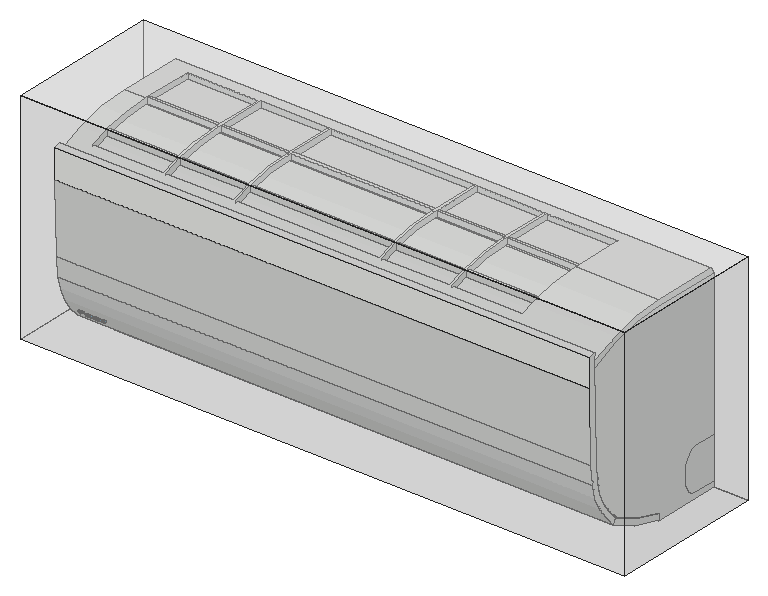
Revit family "outputfile", category 機械設備, Revit 2024
Family settings
  丸型コネクタ寸法 = 半径を使用
  パーツ タイプ = 標準
  OmniClass 番号 = 23.75.10.24.21.27.27
  OmniClass タイトル = Split System Air Conditioning Units
  作業面ベース = いいえ
  常に垂直 = はい
  ロード時にボイドで切り取り = いいえ
  注釈の向きを維持 = いいえ
  共有 = いいえ
  部屋計算ポイント = いいえ
Parameters (values of type "FTXF25WVMA")
  Description = ""
  書き出し IFC クラス(タイプ) = "IfcUnitaryEquipmentType"
  定義済み IFC タイプ(タイプ) = "AIRCONDITIONINGUNIT"
  Cost = 0
  Type Comments = ""
  Keynote = ""
  Type Image = (empty or 0)
  Assembly Code = ""
  w_wall hole = if(Width = 770.0 mm, 48.0 mm, 60.0 mm)  # 48.0 mm
  製造元 = "Daikin"
  モデル = "FTXF25WVMA"
  switch_frequency = yes
  r_Liquid Pipe Size = Liquid Pipe Size / 2  # 3.2 mm
  r_Gas Pipe Size = Gas Pipe Size / 2  # 4.75 mm
  r_Drain Pipe Size = Drain Pipe Size / 2  # 8.0 mm
  lw_powersupply [instance] = if(Width = 770.0 mm, if(or(Rear Right Connection_refrigerant, Bottom Right Connection_refrigerant), 25.0 mm, if(or(Rear Left Connection_refrigerant, Bottom Left Connection_refrigerant), 745.0 mm, 400.0 mm)), if(Width = 990.0 mm, if(or(Rear Right Connection_refrigerant, Bottom Right Connection_refrigerant), 40.0 mm, if(or(Rear Left Connection_refrigerant, Bottom Left Connection_refrigerant), 920.0 mm, 400.0 mm)), if(or(Rear Right Connection_refrigerant, Bottom Right Connection_refrigerant), 40.0 mm, if(or(Rear Left Connection_refrigerant, Bottom Left Connection_refrigerant), 920.0 mm, 400.0 mm))))  # 400.0 mm
  lw_liquidpipe [instance] = if(Width = 770.0 mm, if(or(Rear Right Connection_refrigerant, Bottom Right Connection_refrigerant), 0.0 mm, if(or(Rear Left Connection_refrigerant, Bottom Left Connection_refrigerant), 664.0 mm, 385.0 mm)), if(Width = 990.0 mm, if(or(Rear Right Connection_refrigerant, Bottom Right Connection_refrigerant), 0.0 mm, if(or(Rear Left Connection_refrigerant, Bottom Left Connection_refrigerant), 664.0 mm + (990.0 mm - 770.0 mm), 475.0 mm)), if(or(Rear Right Connection_refrigerant, Bottom Right Connection_refrigerant), 0.0 mm, if(or(Rear Left Connection_refrigerant, Bottom Left Connection_refrigerant), 664.0 mm + (990.0 mm - 770.0 mm), 475.0 mm))))  # 385.0 mm
  lw_gaspipe [instance] = if(Width = 770.0 mm, if(or(Rear Right Connection_refrigerant, Bottom Right Connection_refrigerant), 0.0 mm, if(or(Rear Left Connection_refrigerant, Bottom Left Connection_refrigerant), 675.0 mm, if(Gas Pipe Size = 12.7 mm, 335.0 mm, 335.0 mm))), if(Width = 990.0 mm, if(or(Rear Right Connection_refrigerant, Bottom Right Connection_refrigerant), 10.0 mm, if(or(Rear Left Connection_refrigerant, Bottom Left Connection_refrigerant), 890.0 mm, if(Gas Pipe Size = 15.9 mm, 400.0 mm, 400.0 mm))), if(or(Rear Right Connection_refrigerant, Bottom Right Connection_refrigerant), 10.0 mm, if(or(Rear Left Connection_refrigerant, Bottom Left Connection_refrigerant), 890.0 mm, if(Gas Pipe Size = 15.9 mm, 400.0 mm, 400.0 mm)))))  # 335.0 mm
  lw_drainpipe [instance] = if(Width = 770.0 mm, if(or(Rear Right Connection_refrigerant, Bottom Right Connection_refrigerant), 0.0 mm, if(or(Rear Left Connection_refrigerant, Bottom Left Connection_refrigerant), 770.0 mm - 48.0 mm - 48.0 mm, 440.0 mm)), if(Width = 990.0 mm, if(or(Rear Right Connection_refrigerant, Bottom Right Connection_refrigerant), 0.0 mm, if(or(Rear Left Connection_refrigerant, Bottom Left Connection_refrigerant), 675.0 mm + (990.0 mm - 770.0 mm), 435.0 mm)), if(or(Rear Right Connection_refrigerant, Bottom Right Connection_refrigerant), 0.0 mm, if(or(Rear Left Connection_refrigerant, Bottom Left Connection_refrigerant), 675.0 mm + (990.0 mm - 770.0 mm), 435.0 mm))))  # 440.0 mm
  l_powersupply_length [instance] = if(Width = 770.0 mm, if(Right Connection_refrigerant, 400.0 mm, if(Left Connection_refrigerant, 770.0 mm - 400.0 mm, if(or(Rear Left Connection_refrigerant, Rear Right Connection_refrigerant), 15.0 mm, 50.0 mm))), if(Width = 990.0 mm, if(Right Connection_refrigerant, 400.0 mm, if(Left Connection_refrigerant, 990.0 mm - 400.0 mm, if(or(Rear Left Connection_refrigerant, Rear Right Connection_refrigerant), 15.0 mm, 50.0 mm))), if(Right Connection_refrigerant, 400.0 mm, if(Left Connection_refrigerant, 990.0 mm - 400.0 mm, if(or(Rear Left Connection_refrigerant, Rear Right Connection_refrigerant), 15.0 mm, 50.0 mm)))))  # 400.0 mm
  l_liquidpipe_length [instance] = if(Width = 770.0 mm, if(Right Connection_refrigerant, 433.0 mm, if(Left Connection_refrigerant, 337.0 mm, if(or(Rear Left Connection_refrigerant, Rear Right Connection_refrigerant), 30.0 mm, 40.0 mm))), if(Width = 990.0 mm, if(Right Connection_refrigerant, 535.0 mm, if(Left Connection_refrigerant, 455.0 mm, if(or(Rear Left Connection_refrigerant, Rear Right Connection_refrigerant), 30.0 mm, 40.0 mm))), if(Right Connection_refrigerant, 535.0 mm, if(Left Connection_refrigerant, 455.0 mm, if(or(Rear Left Connection_refrigerant, Rear Right Connection_refrigerant), 30.0 mm, 40.0 mm)))))  # 433.0 mm
  l_gaspipe_length [instance] = if(Width = 770.0 mm, if(Right Connection_refrigerant, if(Gas Pipe Size = 12.7 mm, 383.0 mm, 383.0 mm), if(Left Connection_refrigerant, if(Gas Pipe Size = 12.7 mm, 770.0 mm - 383.0 mm, 770.0 mm - 383.0 mm), if(or(Rear Left Connection_refrigerant, Rear Right Connection_refrigerant), 40.0 mm, 50.0 mm))), if(Width = 990.0 mm, if(Right Connection_refrigerant, if(Gas Pipe Size = 15.9 mm, 460.0 mm, 460.0 mm), if(Left Connection_refrigerant, if(Gas Pipe Size = 15.9 mm, 990.0 mm - 460.0 mm, 990.0 mm - 460.0 mm), if(or(Rear Left Connection_refrigerant, Rear Right Connection_refrigerant), 40.0 mm, 50.0 mm))), if(Right Connection_refrigerant, if(Gas Pipe Size = 15.9 mm, 460.0 mm, 460.0 mm), if(Left Connection_refrigerant, if(Gas Pipe Size = 15.9 mm, 990.0 mm - 460.0 mm, 990.0 mm - 460.0 mm), if(or(Rear Left Connection_refrigerant, Rear Right Connection_refrigerant), 40.0 mm, 50.0 mm)))))  # 383.0 mm
  l_drainpipe_length [instance] = if(Width = 770.0 mm, if(Right Connection_refrigerant, 488.0 mm, if(Left Connection_refrigerant, 282.0 mm, if(or(Rear Left Connection_refrigerant, Rear Right Connection_refrigerant), 15.0 mm, 20.0 mm))), if(Width = 990.0 mm, if(Right Connection_refrigerant, 495.0 mm, if(Left Connection_refrigerant, 495.0 mm, if(or(Rear Left Connection_refrigerant, Rear Right Connection_refrigerant), 15.0 mm, 20.0 mm))), if(Right Connection_refrigerant, 495.0 mm, if(Left Connection_refrigerant, 495.0 mm, if(or(Rear Left Connection_refrigerant, Rear Right Connection_refrigerant), 15.0 mm, 20.0 mm)))))  # 488.0 mm
  h*** = 0.0 mm  # constant formula
  connector_voltage = Voltage_50Hz  # 230 V
  connector_powerinput = if([Power Input (Cooling)] > [Power Input (Heating)], [Power Input (Cooling)], [Power Input (Heating)])  # 0.000 kW
  connector_phase = Phase_50Hz  # 1
  angle_vertical [instance] = if(or(Bottom Left Connection_refrigerant, Bottom Right Connection_refrigerant), 0.00°, 90.00°)  # 90.00°
  angle_horizontal [instance] = if(Right Connection_refrigerant, 90.00°, if(Left Connection_refrigerant, -90.00°, if(or(Rear Left Connection_refrigerant, Rear Right Connection_refrigerant), 180.00°, 0.00°)))  # 90.00°
  Width = 770.0 mm
  Voltage_comment_50Hz = "220 - 240"
  Voltage_50Hz = 230 V
  Version = "ver.1.0"
  Unit Type = "Wall Mounted"
  Unit Mass Weight = 9.00 kg
  Unit Designation [instance] = ""
  Uniclass2015Version = "Products v1.30"
  Uniclass2015Title = "Split coil room air conditioning units"
  Uniclass2015Code = "Pr_70_65_03_86"
  URL = ""
  Total Heating Capacity [instance] = 0.000 kW
  Total Cooling Capacity [instance] = 0.000 kW
  Sound Pressure Level_M speed (dBA) = 33
  Sound Pressure Level_L speed (dBA) = 27
  Sound Pressure Level_H speed (dBA) = 40
  Sound Power Level_H speed (dB) = 0
  Series = "Single Split_Fan Coil Unit"
  Sensible Cooling Capacity [instance] = 0.000 kW
  Refrigerant Type = "R32"
  Power Input (Heating) = 0.000 kW
  Power Input (Cooling) = 0.000 kW
  Phase_50Hz = 1
  Option Accessory 3 [instance] = ""
  Option Accessory 2 [instance] = ""
  Option Accessory 1 [instance] = ""
  Nominal Heating Capacity = 3.000 kW
  Nominal Cooling Capacity = 2.500 kW
  Minimum Circuit Amps_50Hz = 0.0 A
  Minimum Airflow = 306.00 m³/h
  Median Airflow = 390.00 m³/h
  Maximum Fuse Amps_50Hz = 0.0 A
  Maximum Airflow = 576.00 m³/h
  Material_Casing = DAIKIN_PureWhite_Casing_indoorunit
  Load Classification = HVAC
  Liquid Pipe Size = 6.4 mm
  Link_Nested Family [instance] = ""
  IfcVersion = ""
  IfcExportType = "AIRCONDITIONINGUNIT"
  IfcExportAs = "IfcUnitaryEquipmentType"
  Height = 285.0 mm
  Heating Entering Wet Bulb Temperature [instance] = 0.00 °C
  Heating Entering Dry Bulb Temperature [instance] = 0.00 °C
  Heating Ambient Wet Bulb Temperature [instance] = 0.00 °C
  Heating Ambient Dry Bulb Temperature [instance] = 0.00 °C
  Heat Exchanger Type = "Cross Fin Coil"
  Gas Pipe Size = 9.5 mm
  Frequency_50Hz = 50 Hz
  Fan Type = "Cross Flow Fan"
  Fan Drive = "Direct Drive"
  FCU Tag No. [instance] = ""
  Drain Pipe Size = 16.0 mm
  Design Supply Airflow [instance] = 0.00 m³/h
  Depth = 223.0 mm
  既定の高さ = 0.0 mm
  Cooling Entering Wet Bulb Temperature [instance] = 0.00 °C
  Cooling Entering Dry Bulb Temperature [instance] = 0.00 °C
  Cooling Ambient Wet Bulb Temperature [instance] = 0.00 °C
  Cooling Ambient Dry Bulb Temperature [instance] = 0.00 °C
  Clearance visibility [instance] = yes
  Clearance Top = 30.0 mm
  Clearance Right = 50.0 mm
  Clearance Rear = 0.0 mm
  Clearance Left = 50.0 mm
  Clearance Front = 0.0 mm
  Clearance Bottom = 0.0 mm
  Bottom Right Connection_refrigerant [instance] = no
  Bottom Left Connection_refrigerant [instance] = no
  Rear Right Connection_refrigerant [instance] = no
  Rear Left Connection_refrigerant [instance] = no
  Right Connection_refrigerant [instance] = yes
  Left Connection_refrigerant [instance] = no
Reference planes
  plane 1 "Back": y = 0
  plane 2: z = 0
  plane 3 "Center (Left/Right)": x = 0
  plane 4 "Center (Front/Back)": y = -111.5
  plane 5 "Front": y = -223
  plane 6 "Left": x = -385
  plane 7 "Right": x = 385
  plane 8 "Top": z = 0
  plane 9 "Bottom": z = -285
  plane 10: x = -435
  plane 11: x = 435
  plane 12: y = 0
  plane 13: y = -223
  plane 14: z = 30
  plane 15: z = -285
  plane 16 "lw_Piping and Wiring intake": x = 337
  plane 17 "lw_gaspipe": x = 2
  plane 18 "lw_liquidpipe": x = -48
  plane 19 "lw_drainpipe": x = -103
  plane 20 "lh_drainpipe": z = -265
  plane 21 "lh_liquidpipe": z = -245
  plane 22 "lh_gaspipe": z = -235
  plane 23 "ld_drainpipe": y = -15
  plane 24 "ld_liquidpipe": y = -30
  plane 25 "ld_gaspipe": y = -40
  plane 26 "lw_powersupply": x = -15
Dimensions and locks
  equal spacing: plane 6 "Left", plane 3 "Center (Left/Right)", plane 7 "Right"
  "Width": plane 6 "Left" to plane 7 "Right"
  equal spacing: plane 5 "Front", plane 4 "Center (Front/Back)", plane 1 "Back"
  "Depth": plane 5 "Front" to plane 1 "Back"
  "Height": plane 8 "Top" to plane 9 "Bottom"
  "Clearance Rear": plane 12 to plane 1 "Back"
  "Clearance Front": plane 13 to plane 5 "Front"
  "Clearance Top": plane 14 to plane 8 "Top"
  "Clearance Bottom": plane 9 "Bottom" to plane 15
  "w_wall hole": plane 16 "lw_Piping and Wiring intake" to plane 7 "Right"
  "lw_gaspipe": plane 17 "lw_gaspipe" to plane 16 "lw_Piping and Wiring intake"
  "lw_liquidpipe": plane 18 "lw_liquidpipe" to plane 16 "lw_Piping and Wiring intake"
  "lw_drainpipe": plane 19 "lw_drainpipe" to plane 16 "lw_Piping and Wiring intake"
  locked: plane 20 "lh_drainpipe" to plane 9 "Bottom" at 20
  locked: plane 21 "lh_liquidpipe" to plane 9 "Bottom" at 40
  locked: plane 22 "lh_gaspipe" to plane 9 "Bottom" at 50
  locked: plane 23 "ld_drainpipe" to plane 1 "Back" at 15
  locked: plane 1 "Back" to plane 24 "ld_liquidpipe" at 30
  locked: plane 1 "Back" to plane 25 "ld_gaspipe" at 40
  "lw_powersupply": plane 26 "lw_powersupply" to plane 7 "Right"
  "Clearance Left": plane 10 to plane 6 "Left"
  "Clearance Right": plane 7 "Right" to plane 11
  aligned and locked: level to plane 2
  aligned and locked: plane 12 to nested 1
  aligned and locked: nested 1 to plane 13
  aligned and locked: plane 10 to nested 1
  aligned and locked: plane 11 to nested 1
  aligned and locked: plane 15 to nested 1
  aligned and locked: plane 14 to nested 1
  aligned and locked: plane 17 "lw_gaspipe" to nested 2
  aligned and locked: nested 2 to plane 25 "ld_gaspipe"
  aligned and locked: plane 18 "lw_liquidpipe" to nested 3
  aligned and locked: nested 3 to plane 24 "ld_liquidpipe"
  aligned and locked: plane 19 "lw_drainpipe" to nested 4
  aligned and locked: nested 4 to plane 23 "ld_drainpipe"
  aligned and locked: nested 5 to plane 23 "ld_drainpipe"
  aligned and locked: plane 26 "lw_powersupply" to nested 5
  aligned and locked: level to plane 8 "Top"
  aligned and locked: plane 3 "Center (Left/Right)" to nested 6
  aligned and locked: plane 1 "Back" to nested 6
  aligned and locked: plane 8 "Top" to nested 6
Nested families
  nested 1: "daikin_clearancespace" at (0, -111.5, -127.381), show <- "Clearance visibility", visible <- "Clearance visibility", Link_Nested Family <- "Link_Nested Family", type "daikin_clearancespace"
    with width 870.0 mm, show yes, height 315.0 mm, depth 223.0 mm, Link_Nested Family ""
  nested 2: "daikin_connector_rotate3" at (2, -40, -235), angle_vertical <- "angle_vertical", angle_horizontal <- "angle_horizontal", length <- "l_gaspipe_length", radius <- "r_Gas Pipe Size", type "daikin_connector_rotate3"
    with show no, radius 4.75 mm, length 383.0 mm, angle_vertical 90.00°, angle_horizontal 90.00°
  nested 3: "daikin_connector_rotate3" at (-48, -30, -245), angle_vertical <- "angle_vertical", angle_horizontal <- "angle_horizontal", radius <- "r_Liquid Pipe Size", length <- "l_liquidpipe_length", type "daikin_connector_rotate3"
    with show no, radius 3.2 mm, length 433.0 mm, angle_vertical 90.00°, angle_horizontal 90.00°
  nested 4: "daikin_connector_rotate3" at (-103, -15, -265), angle_vertical <- "angle_vertical", angle_horizontal <- "angle_horizontal", length <- "l_drainpipe_length", radius <- "r_Drain Pipe Size", type "daikin_connector_rotate3"
    with show no, radius 8.0 mm, length 488.0 mm, angle_vertical 90.00°, angle_horizontal 90.00°
  nested 5: "daikin_connector_rotate3" at (-15, -15, -235), angle_vertical <- "angle_vertical", angle_horizontal <- "angle_horizontal", length <- "l_powersupply_length", type "daikin_connector_rotate3"
    with show no, radius 10.0 mm, length 400.0 mm, angle_vertical 90.00°, angle_horizontal 90.00°
  nested 6: "DAIKIN_indoorunit_FTXF-WVMA" at (-31, 0, 0), type "FTXF-WVMA"
Connectors
  piping at (385, -40, -235), diameter 9.5, driven by "r_Gas Pipe Size"
    settings: on nested 2, index 1, connector inside diameter 609.6 mm, connector length 0.0 mm, flow factor 0, pipe flow 0.00 m³/h, pressure drop 0.0 Pa, fitting loss kfactor 0, connector angle 0.00°, fixture units 0, engagement length 0.0 mm, angle of deflection 0.00°, flow configuration 1, flow direction 2, fitting loss method 0, system type 29, joint type 0, gender type 0, connector reference index -1, connector utility 0, adjustable connector no, is connector primary yes, connector description "Refrigerant Gas Piping"
  piping at (385, -30, -245), diameter 6.4, driven by "r_Liquid Pipe Size"
    settings: on nested 3, index 2, connector inside diameter 609.6 mm, connector length 0.0 mm, flow factor 0, pipe flow 0.00 m³/h, pressure drop 0.0 Pa, fitting loss kfactor 0, connector angle 0.00°, fixture units 0, engagement length 0.0 mm, angle of deflection 0.00°, flow configuration 1, flow direction 1, fitting loss method 0, system type 29, joint type 0, gender type 0, connector reference index -1, connector utility 0, adjustable connector no, is connector primary no, connector description "Refrigerant Liquid Piping"
  piping at (385, -15, -265), diameter 16, driven by "r_Drain Pipe Size"
    settings: on nested 4, index 3, connector inside diameter 609.6 mm, connector length 0.0 mm, flow factor 0, pipe flow 0.00 m³/h, pressure drop 0.0 Pa, fitting loss kfactor 0, connector angle 0.00°, fixture units 0, engagement length 0.0 mm, angle of deflection 0.00°, flow configuration 1, flow direction 2, fitting loss method 4, system type 16, joint type 0, gender type 0, connector reference index -1, connector utility 0, adjustable connector no, is connector primary no, connector description "Condensate Drain Piping"
  electrical at (385, -15, -235), driven by "Load Classification", driven by "connector_voltage", driven by "connector_powerinput", driven by "connector_phase"
    settings: on nested 5, index 4, voltage 230 V, apparent load 0 VA, apparent load phase1 0 VA, apparent load phase2 0 VA, apparent load phase3 0 VA, power factor 1, load classification "HVAC", number of poles 1, system type 30, power factor state 1, is connector primary yes, connector utility no, sub classification motor no, connector description "Power Supply"
Definition of nested family "daikin_clearancespace"
  Parameters (values of type "daikin_clearancespace")
    Description = "daikin_clearancespace"
    width [instance] = 1823.963 mm
    show [instance] = yes
    material = none
    height [instance] = 1359.762 mm
    depth [instance] = 880.0 mm
    Default Elevation = 0.0 mm
    Link_Nested Family [instance] = ""
  Reference planes
    plane 1 "Center (Front/Back)": y = 0
    plane 2 "Center (Elevation)": z = -0.119
    plane 3 "Center (Left/Right)": x = 0
    plane 4: y = 440
    plane 5: y = -440
    plane 6 "Right": x = 911.982
    plane 7 "Left": x = -911.982
    plane 8 "Top": z = 679.762
    plane 9 "Bottom": z = -680
  Forms (mm)
    Extrusion 1, solid, material <- "material", visible <- "show"
      sketch origin (0, 0, 0) x (1, 0, 0) y (0, 1, 0)
        loop
          line (-911.982, 440) -> (-911.982, -440) -> (911.982, -440) -> (911.982, 440) -> (-911.982, 440)
      from -680 to 679.762
  Lines and regions (mm)
    symbolic lines, visible <- "show"
      curve 1: line (911.982, 440, 0) -> (-911.982, 440, 0)
      curve 2: line (-911.982, 440, 0) -> (-911.982, -440, 0)
      curve 3: line (-911.982, -440, 0) -> (911.982, -440, 0)
      curve 4: line (911.982, -440, 0) -> (911.982, 440, 0)
      curve 5: line (911.982, 0, 679.762) -> (-911.982, 0, 679.762)
      curve 6: line (911.982, 0, -680) -> (911.982, 0, 679.762)
      curve 7: line (-911.982, 0, -680) -> (911.982, 0, -680)
      curve 8: line (-911.982, 0, 679.762) -> (-911.982, 0, -680)
      curve 9: line (0, 440, 679.762) -> (0, -440, 679.762)
      curve 10: line (0, -440, 679.762) -> (0, -440, -680)
      curve 11: line (0, 440, -680) -> (0, 440, 679.762)
      curve 12: line (0, -440, -680) -> (0, 440, -680)
  Dimensions and locks
    "width": plane 7 "Left" to plane 6 "Right"
    "depth": plane 4 to plane 5
    "height": plane 8 "Top" to plane 9 "Bottom"
    equal spacing: plane 7 "Left", plane 3 "Center (Left/Right)", plane 6 "Right"
    equal spacing: plane 4, plane 1 "Center (Front/Back)", plane 5
    equal spacing: plane 8 "Top", plane 2 "Center (Elevation)", plane 9 "Bottom"
    aligned and locked: level to plane 2 "Center (Elevation)"
    aligned and locked: Extrusion 1 sketch curve to plane 4
    aligned and locked: plane 7 "Left" to Extrusion 1 sketch curve
    aligned and locked: Extrusion 1 sketch curve to plane 5
    aligned and locked: Extrusion 1 sketch curve to plane 6 "Right"
    aligned and locked: plane 8 "Top" to Extrusion 1
    aligned and locked: curve 1 to Extrusion 1
    aligned and locked: curve 2 to Extrusion 1
    aligned and locked: curve 3 to Extrusion 1
    aligned and locked: curve 4 to Extrusion 1
    aligned and locked: curve 5 to Extrusion 1
    aligned and locked: curve 6 to Extrusion 1
    aligned and locked: curve 7 to Extrusion 1
    aligned and locked: curve 8 to Extrusion 1
    aligned and locked: curve 9 to Extrusion 1
    aligned and locked: curve 10 to Extrusion 1
    aligned and locked: curve 11 to Extrusion 1
    aligned and locked: curve 12 to Extrusion 1
    aligned and locked: Extrusion 1 to plane 9 "Bottom"
Definition of nested family "DAIKIN_indoorunit_FTXF-WVMA"
  Parameters (values of type "FTKF-TVMA")
    switch_unit1_60-71 = Width = 990.0 mm  # no
    switch_unit1_20-50 = Width = 770.0 mm  # yes
    Width = 770.0 mm
    WALL HOLE-R = if(Width = 770.0 mm, 48.0 mm, 60.0 mm)  # 48.0 mm
    WALL HOLE Size = if(Width = 770.0 mm, 65.0 mm, 80.0 mm)  # 65.0 mm
    Material_Casing = none
    Height = if(Width = 770.0 mm, 285.0 mm, 295.0 mm)  # 285.0 mm
    Default Elevation = 0.0 mm
  Reference planes
    plane 1 "Center (Front/Back)": y = 0
    plane 2 "reference_level": z = 0
    plane 3 "Center (Left/Right)": x = 31
    plane 4: x = -354
    plane 5: x = 416
    plane 6: z = -285
  Forms (mm)
    Extrusion 1, solid, material <- "Material_Casing", visible <- "switch_unit1_20-50"
      sketch origin (29, 0, 0) x (0, 1, 0) y (0, 0, 1)
        loop
          line (-5, 0) -> (-98, 0)
          arc (-98, 0) -> (-157.611, -7.211) -> (-213.783, -28.427) r 250
          arc (-213.783, -28.427) -> (-213.842, -32.972) -> (-213.892, -37.516) r 2191
          arc (-213.892, -37.516) -> (-157.832, -15.495) -> (-98.07, -8) r 242
          line (-98.07, -8) -> (0, -8) -> (-5, 0)
      from -383 to 387
    Extrusion 2, solid, material <- "Material_Casing", visible <- "switch_unit1_20-50"
      sketch origin (416, 1296.25, 1200) x (0, 1, 0) y (0, 0, 1)
        loop
          line (-1472.998, -1446.91) -> (-1476.998, -1453.839)
          arc (-1476.998, -1453.839) -> (-1437.481, -1472.422) -> (-1395.25, -1483.538) r 240
          line (-1395.25, -1483.538) -> (-1395.25, -1475.422)
          arc (-1395.25, -1475.422) -> (-1435.407, -1464.663) -> (-1472.998, -1446.91) r 232
      from 0 to -47.5
    Extrusion 3, solid, material <- "Material_Casing", visible <- "switch_unit1_20-50"
      sketch origin (29, 0, 0) x (0, 1, 0) y (0, 0, 1)
        loop
          arc (-223, -60.455) -> (-222.414, -110.646) -> (-220.656, -160.81) r 2149.92
          arc (-220.656, -160.81) -> (-219.65, -174.299) -> (-217.853, -187.706) r 229.911
          arc (-217.853, -187.706) -> (-205.371, -223.594) -> (-181.517, -253.17) r 111
          line (-181.517, -253.17) -> (-177.429, -246.093)
          arc (-177.429, -246.093) -> (-198.77, -218.989) -> (-209.965, -186.36) r 103
          arc (-209.965, -186.36) -> (-211.681, -173.586) -> (-212.651, -160.735) r 221.844
          arc (-212.651, -160.735) -> (-214.739, -93.233) -> (-214.74, -25.699) r 2186.828
          arc (-214.74, -25.699) -> (-214.671, -21.467) -> (-214.594, -17.235) r 2192
          line (-214.594, -17.235) -> (-223, -19.961) -> (-223, -60.455)
      from -383 to 387
    Extrusion 4, solid, material <- "Material_Casing", visible <- "switch_unit1_20-50"
      sketch origin (29, 0, -20) x (0, 1, 0) y (0, 0, 1)
        loop
          line (0, -265) -> (0, 12) -> (-98.07, 12)
          arc (-98.07, 12) -> (-157.832, 4.505) -> (-213.892, -17.516) r 242
          arc (-213.892, -17.516) -> (-213.638, -79.114) -> (-211.653, -140.681) r 2191
          arc (-211.653, -140.681) -> (-210.685, -153.501) -> (-208.973, -166.243) r 221
          arc (-208.973, -166.243) -> (-197.471, -199.282) -> (-175.482, -226.491) r 102
          arc (-175.482, -226.491) -> (-138.004, -244.019) -> (-98, -254.579) r 231
          line (-98, -254.579) -> (-98, -265) -> (0, -265)
      from -383 to 387
    Extrusion 5, solid, material <- "Material_Casing", visible <- "switch_unit1_20-50"
      sketch origin (-354, 1296.25, 1200) x (0, 1, 0) y (0, 0, 1)
        loop
          line (-1472.998, -1446.91) -> (-1476.998, -1453.839)
          arc (-1476.998, -1453.839) -> (-1437.481, -1472.422) -> (-1395.25, -1483.538) r 240
          line (-1395.25, -1483.538) -> (-1395.25, -1475.422)
          arc (-1395.25, -1475.422) -> (-1435.407, -1464.663) -> (-1472.998, -1446.91) r 232
      from 47 to 0
    Extrusion 6, solid, material <- "Material_Casing", visible <- "switch_unit1_20-50"
      sketch origin (416, 1296.25, 1200) x (0, 1, 0) y (0, 0, 1)
        loop
          line (-1472.998, -1446.91) -> (-1476.998, -1453.839)
          arc (-1476.998, -1453.839) -> (-1443.437, -1470.168) -> (-1407.75, -1481.097) r 240
          line (-1407.75, -1481.097) -> (-1407.75, -1472.894)
          arc (-1407.75, -1472.894) -> (-1441.363, -1462.385) -> (-1472.998, -1446.91) r 232
      from -116.993 to -48.493
    Extrusion 7, solid, material <- "Material_Casing", visible <- "switch_unit1_20-50"
      sketch origin (416, 1296.25, 1200) x (0, 1, 0) y (0, 0, 1)
        loop
          line (-1472.998, -1446.91) -> (-1476.998, -1453.839)
          arc (-1476.998, -1453.839) -> (-1443.437, -1470.168) -> (-1407.75, -1481.097) r 240
          line (-1407.75, -1481.097) -> (-1407.75, -1472.894)
          arc (-1407.75, -1472.894) -> (-1441.363, -1462.385) -> (-1472.998, -1446.91) r 232
      from -717 to -121.993
    Extrusion 8, void
      sketch origin (31, 0, -235) x (1, 0, 0) y (0, 1, 0)
        loop
          line (-252.674, -22.316) -> (-354.941, -22.316) -> (-354.941, -91.341) -> (-252.674, -91.341) -> (-252.674, -22.316)
        loop
          line (-249.341, -91.341) -> (-151.574, -91.341) -> (-151.574, -22.316) -> (-249.341, -22.316) -> (-249.341, -91.341)
        loop
          line (58.309, -22.316) -> (-148.309, -22.316) -> (-148.309, -91.341) -> (58.309, -91.341) -> (58.309, -22.316)
        loop
          line (61.689, -22.316) -> (61.689, -91.341) -> (159.457, -91.341) -> (159.457, -22.316) -> (61.689, -22.316)
        loop
          line (162.789, -22.316) -> (162.789, -91.341) -> (265.057, -91.341) -> (265.057, -22.316) -> (162.789, -22.316)
        loop
          line (-354.941, -94.659) -> (-354.941, -165.259) -> (-252.674, -165.259) -> (-252.674, -94.659) -> (-354.941, -94.659)
        loop
          line (-249.341, -94.659) -> (-249.341, -165.259) -> (-151.574, -165.259) -> (-151.574, -94.659) -> (-249.341, -94.659)
        loop
          line (-148.309, -94.659) -> (-148.309, -165.259) -> (58.309, -165.259) -> (58.309, -94.659) -> (-148.309, -94.659)
        loop
          line (61.689, -94.659) -> (61.689, -165.259) -> (159.457, -165.259) -> (159.457, -94.659) -> (61.689, -94.659)
        loop
          line (162.789, -94.659) -> (162.789, -165.259) -> (265.057, -165.259) -> (265.057, -94.659) -> (162.789, -94.659)
        loop
          line (-354.941, -167.382) -> (-354.941, -192.681) -> (-252.674, -192.681) -> (-252.674, -167.382) -> (-354.941, -167.382)
        loop
          line (-249.341, -167.382) -> (-249.341, -192.681) -> (-151.574, -192.681) -> (-151.574, -167.382) -> (-249.341, -167.382)
        loop
          line (-148.309, -167.382) -> (-148.309, -192.681) -> (58.309, -192.681) -> (58.309, -167.382) -> (-148.309, -167.382)
        loop
          line (159.457, -167.382) -> (61.689, -167.382) -> (61.689, -192.681) -> (159.457, -192.681) -> (159.457, -167.382)
        loop
          line (265.057, -167.382) -> (162.789, -167.382) -> (162.789, -192.681) -> (265.057, -192.681) -> (265.057, -167.382)
      from 201.638 to 250
    Extrusion 9, solid, material <- "Material_Casing"
      sketch origin (31, 0, 0) x (1, 0, 0) y (0, 0, 1)
        loop
          circle (337, -240.5) r 32.5
        loop
          circle (-337, -240.5) r 32.5
      from 0 to 5
    Extrusion 10, solid, material <- "Material_Casing", visible <- "switch_unit1_20-50"
      sketch origin (416, 1296.25, 1200) x (0, -1, 0) y (0, 0, 1)
        loop
          line (1326.25, -1417) -> (1296.25, -1417) -> (1296.25, -1477) -> (1326.25, -1477)
          arc (1326.25, -1477) -> (1340.393, -1471.142) -> (1346.25, -1457) r 20
          line (1346.25, -1457) -> (1346.25, -1437)
          arc (1346.25, -1437) -> (1340.393, -1422.858) -> (1326.25, -1417) r 20
      from 0 to 5
    Extrusion 11, solid, material <- "Material_Casing", visible <- "switch_unit1_20-50"
      sketch origin (-354, 1296.25, 1200) x (0, 1, 0) y (0, 0, 1)
        loop
          line (-1296.25, -1417) -> (-1326.25, -1417)
          arc (-1326.25, -1417) -> (-1340.393, -1422.858) -> (-1346.25, -1437) r 20
          line (-1346.25, -1437) -> (-1346.25, -1457)
          arc (-1346.25, -1457) -> (-1340.393, -1471.142) -> (-1326.25, -1477) r 20
          line (-1326.25, -1477) -> (-1296.25, -1477) -> (-1296.25, -1417)
      from 0 to 5
    Extrusion 12, solid, material <- "Material_Casing", visible <- "switch_unit1_20-50"
      sketch origin (31, 0, -285) x (-1, 0, 0) y (0, -1, 0)
        loop
          line (-314, 0) -> (-314, 30)
          arc (-314, 30) -> (-319.858, 44.142) -> (-334, 50) r 20
          line (-334, 50) -> (-354, 50)
          arc (-354, 50) -> (-368.142, 44.142) -> (-374, 30) r 20
          line (-374, 30) -> (-374, 0) -> (-314, 0)
        loop
          line (374, 0) -> (374, 30)
          arc (374, 30) -> (368.142, 44.142) -> (354, 50) r 20
          line (354, 50) -> (334, 50)
          arc (334, 50) -> (319.858, 44.142) -> (314, 30) r 20
          line (314, 30) -> (314, 0) -> (374, 0)
      from 0 to 5
    Extrusion 13, solid, material <- "Material_Casing", visible <- "switch_unit1_60-71"
      sketch origin (31, 0, 0) x (0, 1, 0) y (0, 0, 1)
        loop
          line (-5, 0) -> (-138, 0)
          arc (-138, 0) -> (-197.611, -7.211) -> (-253.783, -28.427) r 250
          arc (-253.783, -28.427) -> (-253.838, -32.687) -> (-253.886, -36.946) r 2191
          arc (-253.886, -36.946) -> (-197.73, -15.346) -> (-138.014, -8) r 246.393
          line (-138.014, -8) -> (0, -8) -> (-5, 0)
      from -495 to 495
    Extrusion 14, solid, material <- "Material_Casing", visible <- "switch_unit1_60-71"
      sketch origin (418, 1296.25, 1200) x (0, 1, 0) y (0, 0, 1)
        loop
          arc (-1515.208, -1454.149) -> (-1506.856, -1460.599) -> (-1497.925, -1466.219) r 110
          arc (-1497.925, -1466.219) -> (-1445.718, -1487.493) -> (-1389.844, -1494.995) r 223
          line (-1389.844, -1494.995) -> (-1389.844, -1486.086) -> (-1404.386, -1486.086)
          arc (-1404.386, -1486.086) -> (-1449.542, -1477.46) -> (-1491.818, -1459.402) r 214.289
          arc (-1491.818, -1459.402) -> (-1501.056, -1453.541) -> (-1509.606, -1446.715) r 101
          line (-1509.606, -1446.715) -> (-1515.208, -1454.149)
      from 108 to 57.5
    Extrusion 15, solid, material <- "Material_Casing", visible <- "switch_unit1_60-71"
      sketch origin (31, 0, 0) x (0, 1, 0) y (0, 0, 1)
        loop
          line (-263, -19.962) -> (-263, -61.6)
          arc (-263, -61.6) -> (-262.414, -110.219) -> (-260.656, -158.81) r 2017.341
          arc (-260.656, -158.81) -> (-255.648, -191.935) -> (-244.041, -223.362) r 164.725
          arc (-244.041, -223.362) -> (-233.569, -239.793) -> (-219.717, -253.495) r 87.379
          line (-219.717, -253.495) -> (-214.706, -246.846)
          arc (-214.706, -246.846) -> (-229.564, -230.029) -> (-240.385, -210.371) r 102
          arc (-240.385, -210.371) -> (-249.049, -182.962) -> (-252.848, -154.467) r 165.789
          arc (-252.848, -154.467) -> (-254.771, -90.102) -> (-254.74, -25.708) r 2122.533
          arc (-254.74, -25.708) -> (-254.671, -21.469) -> (-254.594, -17.23) r 2192
          line (-254.594, -17.23) -> (-263, -19.962)
      from -495 to 495
    Extrusion 16, void
      sketch origin (33, 0, 0) x (1, 0, 0) y (0, 1, 0)
        loop
          line (-466.909, -22.316) -> (-466.909, -111.341) -> (-366.303, -111.341) -> (-366.303, -22.316) -> (-466.909, -22.316)
        loop
          line (-362.71, -22.316) -> (-362.71, -111.341) -> (-262.103, -111.341) -> (-262.103, -22.316) -> (-362.71, -22.316)
        loop
          line (-258.51, -22.316) -> (-258.51, -111.341) -> (-157.904, -111.341) -> (-157.904, -22.316) -> (-258.51, -22.316)
        loop
          line (-154.31, -22.316) -> (-154.31, -111.341) -> (-53.704, -111.341) -> (-53.704, -22.316) -> (-154.31, -22.316)
        loop
          line (-50.11, -22.316) -> (-50.11, -111.341) -> (50.496, -111.341) -> (50.496, -22.316) -> (-50.11, -22.316)
        loop
          line (54.089, -22.316) -> (54.089, -111.341) -> (154.696, -111.341) -> (154.696, -22.316) -> (54.089, -22.316)
        loop
          line (158.289, -22.316) -> (158.289, -111.341) -> (258.895, -111.341) -> (258.895, -22.316) -> (158.289, -22.316)
        loop
          line (262.489, -22.316) -> (262.489, -111.341) -> (363.095, -111.341) -> (363.095, -22.316) -> (262.489, -22.316)
        loop
          line (-466.909, -114.459) -> (-466.909, -185.059) -> (-366.303, -185.059) -> (-366.303, -114.459) -> (-466.909, -114.459)
        loop
          line (-362.71, -114.459) -> (-362.71, -185.059) -> (-262.103, -185.059) -> (-262.103, -114.459) -> (-362.71, -114.459)
        loop
          line (-258.51, -114.459) -> (-258.51, -185.059) -> (-157.904, -185.059) -> (-157.904, -114.459) -> (-258.51, -114.459)
        loop
          line (-154.31, -114.459) -> (-154.31, -185.059) -> (-53.704, -185.059) -> (-53.704, -114.459) -> (-154.31, -114.459)
        loop
          line (-50.11, -114.459) -> (-50.11, -185.059) -> (50.496, -185.059) -> (50.496, -114.459) -> (-50.11, -114.459)
        loop
          line (54.089, -114.459) -> (54.089, -185.059) -> (154.696, -185.059) -> (154.696, -114.459) -> (54.089, -114.459)
        loop
          line (158.289, -114.459) -> (158.289, -185.059) -> (258.895, -185.059) -> (258.895, -114.459) -> (158.289, -114.459)
        loop
          line (262.489, -114.459) -> (262.489, -185.059) -> (363.095, -185.059) -> (363.095, -114.459) -> (262.489, -114.459)
        loop
          line (-466.909, -187.382) -> (-466.909, -232.681) -> (-366.303, -232.681) -> (-366.303, -187.382) -> (-466.909, -187.382)
        loop
          line (-362.71, -187.382) -> (-362.71, -232.681) -> (-262.103, -232.681) -> (-262.103, -187.382) -> (-362.71, -187.382)
        loop
          line (-258.51, -187.382) -> (-258.51, -232.681) -> (-157.904, -232.681) -> (-157.904, -187.382) -> (-258.51, -187.382)
        loop
          line (-154.31, -187.382) -> (-154.31, -232.681) -> (-53.704, -232.681) -> (-53.704, -187.382) -> (-154.31, -187.382)
        loop
          line (-50.11, -187.382) -> (-50.11, -232.681) -> (50.496, -232.681) -> (50.496, -187.382) -> (-50.11, -187.382)
        loop
          line (54.089, -187.382) -> (54.089, -232.681) -> (154.696, -232.681) -> (154.696, -187.382) -> (54.089, -187.382)
        loop
          line (158.289, -187.382) -> (158.289, -232.681) -> (258.895, -232.681) -> (258.895, -187.382) -> (158.289, -187.382)
        loop
          line (262.489, -187.382) -> (262.489, -232.681) -> (363.095, -232.681) -> (363.095, -187.382) -> (262.489, -187.382)
      from -40.013 to 47.268
    Extrusion 17, solid, material <- "Material_Casing", visible <- "switch_unit1_60-71"
      sketch origin (-356, 1296.25, 1200) x (0, 1, 0) y (0, 0, -1)
        loop
          line (-1515.208, 1454.149) -> (-1509.606, 1446.715)
          arc (-1509.606, 1446.715) -> (-1501.056, 1453.541) -> (-1491.818, 1459.402) r 101
          arc (-1491.818, 1459.402) -> (-1449.542, 1477.46) -> (-1404.386, 1486.086) r 214.289
          line (-1404.386, 1486.086) -> (-1389.844, 1486.086) -> (-1389.844, 1494.995)
          arc (-1389.844, 1494.995) -> (-1445.718, 1487.493) -> (-1497.925, 1466.219) r 223
          arc (-1497.925, 1466.219) -> (-1506.856, 1460.599) -> (-1515.208, 1454.149) r 110
      from 108 to 61
    Extrusion 18, solid, material <- "Material_Casing", visible <- "switch_unit1_60-71"
      sketch origin (418, 1296.25, 1200) x (0, 1, 0) y (0, 0, 1)
        loop
          arc (-1515.208, -1454.149) -> (-1506.856, -1460.599) -> (-1497.925, -1466.219) r 110
          arc (-1497.925, -1466.219) -> (-1463.185, -1482.066) -> (-1426.25, -1491.755) r 223
          line (-1426.25, -1491.755) -> (-1426.25, -1483.166)
          arc (-1426.25, -1483.166) -> (-1460.008, -1473.969) -> (-1491.818, -1459.402) r 214.289
          arc (-1491.818, -1459.402) -> (-1501.056, -1453.541) -> (-1509.606, -1446.715) r 101
          line (-1509.606, -1446.715) -> (-1515.208, -1454.149)
      from 56.5 to -36.993
    Extrusion 19, solid, material <- "Material_Casing", visible <- "switch_unit1_60-71"
      sketch origin (418, 1296.25, 1200) x (0, 1, 0) y (0, 0, 1)
        loop
          arc (-1426.25, -1483.166) -> (-1443.442, -1479.224) -> (-1460.25, -1473.881) r 214.289
          line (-1460.25, -1473.881) -> (-1460.25, -1483.089)
          arc (-1460.25, -1483.089) -> (-1443.421, -1488.091) -> (-1426.25, -1491.755) r 223
          line (-1426.25, -1491.755) -> (-1426.25, -1483.166)
      from -43.493 to -828.893
    Extrusion 20, solid, material <- "Material_Casing", visible <- "switch_unit1_60-71"
      sketch origin (418, 1296.25, 1200) x (0, 1, 0) y (0, 0, 1)
        loop
          arc (-1515.208, -1454.149) -> (-1506.856, -1460.599) -> (-1497.925, -1466.219) r 110
          arc (-1497.925, -1466.219) -> (-1479.479, -1475.527) -> (-1460.25, -1483.089) r 223
          line (-1460.25, -1483.089) -> (-1460.25, -1473.881)
          arc (-1460.25, -1473.881) -> (-1476.328, -1467.282) -> (-1491.818, -1459.402) r 214.289
          arc (-1491.818, -1459.402) -> (-1501.056, -1453.541) -> (-1509.606, -1446.715) r 101
          line (-1509.606, -1446.715) -> (-1515.208, -1454.149)
      from -43.493 to -828.893
    Extrusion 21, solid, material <- "Material_Casing", visible <- "switch_unit1_60-71"
      sketch origin (31, 0, -30) x (0, 1, 0) y (0, 0, 1)
        loop
          line (0, 22) -> (-138.014, 22)
          arc (-138.014, 22) -> (-197.73, 14.654) -> (-253.886, -6.946) r 246.393
          arc (-253.886, -6.946) -> (-253.682, -65.635) -> (-251.855, -124.295) r 2120.935
          arc (-251.855, -124.295) -> (-248.086, -152.682) -> (-239.461, -179.988) r 164.789
          arc (-239.461, -179.988) -> (-228.903, -199.231) -> (-214.437, -215.738) r 101
          line (-214.437, -215.738) -> (-212.406, -216.221)
          arc (-212.406, -216.221) -> (-204.07, -222.837) -> (-195.079, -228.53) r 100
          arc (-195.079, -228.53) -> (-145.557, -248.629) -> (-92.593, -255.785) r 213.289
          line (-92.593, -255.785) -> (-92.593, -265) -> (0, -265) -> (0, 22)
      from -495 to 495
    Extrusion 22, solid, material <- "Material_Casing", visible <- "switch_unit1_60-71"
      sketch origin (526, 1296.25, 1200) x (0, -1, 0) y (0, 0, 1)
        loop
          line (1326.25, -1427.035) -> (1296.25, -1427.035) -> (1296.25, -1487.035) -> (1326.25, -1487.035)
          arc (1326.25, -1487.035) -> (1340.393, -1481.177) -> (1346.25, -1467.035) r 20
          line (1346.25, -1467.035) -> (1346.25, -1447.035)
          arc (1346.25, -1447.035) -> (1340.393, -1432.892) -> (1326.25, -1427.035) r 20
      from 0 to 5
    Extrusion 23, solid, material <- "Material_Casing", visible <- "switch_unit1_60-71"
      sketch origin (-459, 1296.25, 1200) x (0, -1, 0) y (0, 0, 1)
        loop
          line (1326.25, -1427.035) -> (1296.25, -1427.035) -> (1296.25, -1487.035) -> (1326.25, -1487.035)
          arc (1326.25, -1487.035) -> (1340.393, -1481.177) -> (1346.25, -1467.035) r 20
          line (1346.25, -1467.035) -> (1346.25, -1447.035)
          arc (1346.25, -1447.035) -> (1340.393, -1432.892) -> (1326.25, -1427.035) r 20
      from 0 to 5
    Extrusion 24, solid, material <- "Material_Casing", visible <- "switch_unit1_60-71"
      sketch origin (31, 200, -295) x (-1, 0, 0) y (0, -1, 0)
        loop
          line (469, 200) -> (469, 230)
          arc (469, 230) -> (463.142, 244.142) -> (449, 250) r 20
          line (449, 250) -> (429, 250)
          arc (429, 250) -> (414.858, 244.142) -> (409, 230) r 20
          line (409, 230) -> (409, 200) -> (469, 200)
        loop
          line (-469, 200) -> (-409, 200) -> (-409, 230)
          arc (-409, 230) -> (-414.858, 244.142) -> (-429, 250) r 20
          line (-429, 250) -> (-449, 250)
          arc (-449, 250) -> (-463.142, 244.142) -> (-469, 230) r 20
          line (-469, 230) -> (-469, 200)
      from 0 to 5
  Cuts and joins
    Extrusion 8 cuts Extrusion 1
    Extrusion 16 cuts Extrusion 13
  Lines and regions (mm)
    reference lines
      curve 1: line (-523, -201.911, -229.404) -> (-523, -193.542, -239.977)
      curve 2: line (-523, -240.779, -229.404) -> (-523, -232.411, -239.977)
  Dimensions and locks
    locked: Extrusion 10 sketch curve to Extrusion 10 sketch curve at 60
    locked: Extrusion 10 sketch curve to Extrusion 10 sketch curve at 50
    locked: Extrusion 12 sketch curve to Extrusion 12 sketch curve at 60  (x2)
    locked: Extrusion 12 sketch curve to Extrusion 12 sketch curve at 50
    equal spacing: plane 5, plane 3 "Center (Left/Right)", plane 4
    "Width": plane 5 to plane 4
    locked: Extrusion 9 sketch curve to plane 4 at 48
    "WALL HOLE-R": plane 5 to Extrusion 9 sketch curve
    "Height": plane 2 "reference_level" to plane 6
    locked: Extrusion 9 sketch curve to plane 6 at 44.5  (x2)
    locked: Extrusion 15 to nested 2 at 15
    locked: Extrusion 22 sketch curve to Extrusion 22 sketch curve at 60
    locked: Extrusion 22 sketch curve to Extrusion 22 sketch curve at 50
    locked: Extrusion 23 sketch curve to Extrusion 23 sketch curve at 60
    locked: Extrusion 23 sketch curve to Extrusion 23 sketch curve at 50
    locked: Extrusion 24 sketch curve to Extrusion 24 sketch curve at 60  (x2)
    locked: Extrusion 24 sketch curve to Extrusion 24 sketch curve at 50  (x2)
    "WALL HOLE Size": diameter of Extrusion 9 sketch curve  (x2)
    aligned and locked: level to plane 2 "reference_level"
    aligned and locked: nested 1 to curve 1
    aligned and locked: Extrusion 11 sketch curve to Extrusion 10  (x4)
    aligned and locked: Extrusion 12 sketch curve to Extrusion 12 sketch curve  (x2)
    aligned and locked: Extrusion 9 to plane 1 "Center (Front/Back)"
    aligned and locked: nested 2 to curve 2
  Automatic sketch dimensions
    curve 1 to level = 239.977 mm
    plane 1 "Center (Front/Back)" to curve 1 = 193.542 mm
    curve 2 to curve 1 = 0.0 mm
    curve 2 to curve 2 = 10.573 mm
    curve 1 to curve 1 = 10.573 mm
    curve 1 to curve 1 = 8.368 mm
    curve 1 to curve 2 = 30.5 mm
    curve 2 to curve 2 = 8.368 mm
    Extrusion 1 sketch curve to level = 0.0 mm
    Extrusion 1 sketch curve to plane 1 "Center (Front/Back)" = 0.0 mm
    plane 1 "Center (Front/Back)" to Extrusion 1 sketch curve = 5.0 mm
    plane 1 "Center (Front/Back)" to Extrusion 1 sketch curve = 98.0 mm
    Extrusion 1 sketch curve to Extrusion 1 sketch curve = 0.07 mm
    Extrusion 1 sketch curve to level = 59.292 mm
    Extrusion 1 sketch curve to plane 1 "Center (Front/Back)" = 1977.0 mm
    Extrusion 1 sketch curve to level = 250.0 mm
    Extrusion 1 sketch curve to Extrusion 1 sketch curve = 0.0 mm
    Extrusion 1 sketch curve to level = 8.0 mm
    Extrusion 1 sketch curve to level = 28.427 mm
    plane 1 "Center (Front/Back)" to Extrusion 2 sketch curve = 180.748 mm
    Extrusion 2 sketch curve to Extrusion 2 sketch curve = 4.0 mm
    Extrusion 2 sketch curve to Extrusion 2 sketch curve = 77.747 mm
    plane 1 "Center (Front/Back)" to Extrusion 2 sketch curve = 59.279 mm
    Extrusion 2 sketch curve to Extrusion 2 sketch curve = 0.0 mm
    Extrusion 2 sketch curve to level = 283.538 mm
    Extrusion 2 sketch curve to Extrusion 2 sketch curve = 8.116 mm
    Extrusion 2 sketch curve to Extrusion 2 sketch curve = 21.583 mm
    Extrusion 2 sketch curve to Extrusion 2 sketch curve = 6.929 mm
    Extrusion 3 sketch curve to level = 19.961 mm
    plane 1 "Center (Front/Back)" to Extrusion 3 sketch curve = 223.0 mm
    Extrusion 3 sketch curve to level = 17.235 mm
    Extrusion 3 sketch curve to Extrusion 3 sketch curve = 8.406 mm
    plane 1 "Center (Front/Back)" to Extrusion 3 sketch curve = 181.517 mm
    Extrusion 3 sketch curve to Extrusion 3 sketch curve = 4.087 mm
    Extrusion 3 sketch curve to Extrusion 3 sketch curve = 69.11 mm
    Extrusion 3 sketch curve to Extrusion 3 sketch curve = 0.001 mm
    Extrusion 3 sketch curve to plane 1 "Center (Front/Back)" = 8.955 mm
    Extrusion 3 sketch curve to Extrusion 3 sketch curve = 0.067 mm
    Extrusion 3 sketch curve to level = 60.455 mm
    Extrusion 3 sketch curve to Extrusion 3 sketch curve = 1917.898 mm
    Extrusion 3 sketch curve to Extrusion 3 sketch curve = 44.907 mm
    Extrusion 3 sketch curve to Extrusion 3 sketch curve = 5.172 mm
    Extrusion 3 sketch curve to level = 150.456 mm
    Extrusion 3 sketch curve to Extrusion 3 sketch curve = 0.006 mm
    Extrusion 3 sketch curve to Extrusion 3 sketch curve = 19.265 mm
    Extrusion 3 sketch curve to Extrusion 3 sketch curve = 0.004 mm
    Extrusion 3 sketch curve to Extrusion 3 sketch curve = 76.368 mm
    Extrusion 3 sketch curve to Extrusion 3 sketch curve = 7.077 mm
    Extrusion 3 sketch curve to Extrusion 3 sketch curve = 1.002 mm
    Extrusion 3 sketch curve to Extrusion 3 sketch curve = 0.046 mm
    Extrusion 3 sketch curve to Extrusion 3 sketch curve = 8.005 mm
    Extrusion 3 sketch curve to Extrusion 3 sketch curve = 0.147 mm
    Extrusion 3 sketch curve to Extrusion 3 sketch curve = 0.0 mm
    Extrusion 4 sketch curve to plane 1 "Center (Front/Back)" = 0.0 mm
    plane 1 "Center (Front/Back)" to Extrusion 4 sketch curve = 59.278 mm
    Extrusion 4 sketch curve to Extrusion 4 sketch curve = 98.0 mm
    Extrusion 4 sketch curve to Extrusion 4 sketch curve = 0.0 mm  (x3)
    Extrusion 4 sketch curve to level = 8.0 mm
    Extrusion 4 sketch curve to Extrusion 4 sketch curve = 38.791 mm
    Extrusion 4 sketch curve to Extrusion 4 sketch curve = 10.249 mm
    Extrusion 4 sketch curve to plane 1 "Center (Front/Back)" = 9.11 mm
    Extrusion 4 sketch curve to level = 59.292 mm
    Extrusion 4 sketch curve to Extrusion 4 sketch curve = 1967.89 mm
    Extrusion 4 sketch curve to Extrusion 4 sketch curve = 142.454 mm
    Extrusion 4 sketch curve to Extrusion 4 sketch curve = 19.271 mm
    Extrusion 4 sketch curve to Extrusion 4 sketch curve = 80.275 mm
    Extrusion 4 sketch curve to Extrusion 4 sketch curve = 24.579 mm
    Extrusion 4 sketch curve to Extrusion 4 sketch curve = 10.421 mm
    Extrusion 4 sketch curve to level = 46.847 mm
    Extrusion 4 sketch curve to Extrusion 4 sketch curve = 77.412 mm
    Extrusion 4 sketch curve to Extrusion 4 sketch curve = 33.49 mm
    Extrusion 4 sketch curve to Extrusion 4 sketch curve = 2.68 mm
    plane 1 "Center (Front/Back)" to Extrusion 5 sketch curve = 180.748 mm
    Extrusion 5 sketch curve to Extrusion 5 sketch curve = 4.0 mm
    Extrusion 5 sketch curve to Extrusion 5 sketch curve = 77.747 mm
    plane 1 "Center (Front/Back)" to Extrusion 5 sketch curve = 59.279 mm
    Extrusion 5 sketch curve to Extrusion 5 sketch curve = 0.0 mm
    Extrusion 5 sketch curve to level = 283.538 mm
    Extrusion 5 sketch curve to Extrusion 5 sketch curve = 8.116 mm
    Extrusion 5 sketch curve to Extrusion 5 sketch curve = 21.583 mm
    Extrusion 5 sketch curve to Extrusion 5 sketch curve = 6.929 mm
    plane 1 "Center (Front/Back)" to Extrusion 6 sketch curve = 180.748 mm
    Extrusion 6 sketch curve to Extrusion 6 sketch curve = 4.0 mm
    Extrusion 6 sketch curve to Extrusion 6 sketch curve = 65.247 mm
    plane 1 "Center (Front/Back)" to Extrusion 6 sketch curve = 59.279 mm
    Extrusion 6 sketch curve to Extrusion 6 sketch curve = 0.0 mm
    Extrusion 6 sketch curve to level = 281.097 mm
    Extrusion 6 sketch curve to Extrusion 6 sketch curve = 8.203 mm
    Extrusion 6 sketch curve to Extrusion 6 sketch curve = 19.055 mm
    Extrusion 6 sketch curve to Extrusion 6 sketch curve = 6.929 mm
    plane 1 "Center (Front/Back)" to Extrusion 7 sketch curve = 180.748 mm
    Extrusion 7 sketch curve to Extrusion 7 sketch curve = 4.0 mm
    Extrusion 7 sketch curve to Extrusion 7 sketch curve = 65.247 mm
    plane 1 "Center (Front/Back)" to Extrusion 7 sketch curve = 59.279 mm
    Extrusion 7 sketch curve to Extrusion 7 sketch curve = 0.0 mm
    Extrusion 7 sketch curve to level = 281.097 mm
    Extrusion 7 sketch curve to Extrusion 7 sketch curve = 8.203 mm
    Extrusion 7 sketch curve to Extrusion 7 sketch curve = 19.055 mm
    Extrusion 7 sketch curve to Extrusion 7 sketch curve = 6.929 mm
    plane 1 "Center (Front/Back)" to Extrusion 8 sketch curve = 165.259 mm  (x2)
    Extrusion 8 sketch curve to plane 3 "Center (Left/Right)" = 354.941 mm
    plane 1 "Center (Front/Back)" to Extrusion 8 sketch curve = 22.316 mm  (x3)
    Extrusion 8 sketch curve to Extrusion 8 sketch curve = 0.0 mm  (x26)
    Extrusion 8 sketch curve to Extrusion 8 sketch curve = 102.268 mm  (x2)
    Extrusion 8 sketch curve to Extrusion 8 sketch curve = 3.332 mm  (x4)
    Extrusion 8 sketch curve to Extrusion 8 sketch curve = 97.768 mm  (x2)
    Extrusion 8 sketch curve to Extrusion 8 sketch curve = 3.264 mm  (x3)
    plane 3 "Center (Left/Right)" to Extrusion 8 sketch curve = 58.309 mm
    Extrusion 8 sketch curve to Extrusion 8 sketch curve = 3.38 mm  (x3)
    Extrusion 8 sketch curve to Extrusion 8 sketch curve = 2.124 mm  (x6)
    Extrusion 8 sketch curve to Extrusion 8 sketch curve = 25.299 mm  (x2)
    Extrusion 8 sketch curve to Extrusion 8 sketch curve = 70.6 mm
    Extrusion 8 sketch curve to Extrusion 8 sketch curve = 3.317 mm  (x4)
    Extrusion 10 sketch curve to plane 1 "Center (Front/Back)" = 0.0 mm
    Extrusion 10 sketch curve to Extrusion 10 sketch curve = 20.0 mm  (x2)
    Extrusion 10 sketch curve to level = 277.0 mm
    plane 1 "Center (Front/Back)" to Extrusion 12 sketch curve = 0.0 mm
    plane 3 "Center (Left/Right)" to Extrusion 12 sketch curve = 374.0 mm
    Extrusion 12 sketch curve to Extrusion 12 sketch curve = 20.0 mm  (x3)
    plane 1 "Center (Front/Back)" to Extrusion 12 sketch curve = 30.0 mm
    Extrusion 12 sketch curve to plane 3 "Center (Left/Right)" = 314.0 mm
    Extrusion 13 sketch curve to level = 0.0 mm
    Extrusion 13 sketch curve to plane 1 "Center (Front/Back)" = 0.0 mm
    plane 1 "Center (Front/Back)" to Extrusion 13 sketch curve = 5.0 mm
    Extrusion 13 sketch curve to Extrusion 13 sketch curve = 133.0 mm
    Extrusion 13 sketch curve to Extrusion 13 sketch curve = 0.013 mm
    Extrusion 13 sketch curve to level = 59.292 mm
    Extrusion 13 sketch curve to plane 1 "Center (Front/Back)" = 1937.0 mm
    Extrusion 13 sketch curve to Extrusion 13 sketch curve = 250.0 mm
    Extrusion 13 sketch curve to Extrusion 13 sketch curve = 4.393 mm
    Extrusion 13 sketch curve to level = 8.0 mm
    Extrusion 13 sketch curve to level = 28.427 mm
    plane 1 "Center (Front/Back)" to Extrusion 14 sketch curve = 218.957 mm
    Extrusion 14 sketch curve to Extrusion 14 sketch curve = 5.601 mm
    Extrusion 14 sketch curve to Extrusion 14 sketch curve = 65.735 mm
    Extrusion 14 sketch curve to Extrusion 14 sketch curve = 1.462 mm
    plane 1 "Center (Front/Back)" to Extrusion 14 sketch curve = 108.136 mm
    Extrusion 14 sketch curve to Extrusion 14 sketch curve = 14.543 mm
    plane 1 "Center (Front/Back)" to Extrusion 14 sketch curve = 92.093 mm
    Extrusion 14 sketch curve to Extrusion 14 sketch curve = 1.354 mm
    Extrusion 14 sketch curve to level = 294.995 mm
    Extrusion 14 sketch curve to Extrusion 14 sketch curve = 8.909 mm
    Extrusion 14 sketch curve to Extrusion 14 sketch curve = 31.937 mm
    Extrusion 14 sketch curve to Extrusion 14 sketch curve = 7.433 mm
    Extrusion 14 sketch curve to Extrusion 14 sketch curve = 75.403 mm
    Extrusion 14 sketch curve to Extrusion 14 sketch curve = 0.896 mm
    Extrusion 14 sketch curve to level = 72.504 mm
    Extrusion 14 sketch curve to Extrusion 14 sketch curve = 0.504 mm
    Extrusion 15 sketch curve to level = 19.962 mm
    plane 1 "Center (Front/Back)" to Extrusion 15 sketch curve = 263.0 mm
    Extrusion 15 sketch curve to level = 17.23 mm
    Extrusion 15 sketch curve to Extrusion 15 sketch curve = 8.406 mm
    Extrusion 15 sketch curve to Extrusion 15 sketch curve = 43.283 mm
    Extrusion 15 sketch curve to Extrusion 15 sketch curve = 5.011 mm
    Extrusion 15 sketch curve to Extrusion 15 sketch curve = 49.129 mm
    Extrusion 15 sketch curve to Extrusion 15 sketch curve = 19.417 mm
    Extrusion 15 sketch curve to Extrusion 15 sketch curve = 50.037 mm
    Extrusion 15 sketch curve to Extrusion 15 sketch curve = 8.89 mm
    Extrusion 15 sketch curve to level = 61.6 mm
    Extrusion 15 sketch curve to plane 1 "Center (Front/Back)" = 1754.341 mm
    Extrusion 15 sketch curve to level = 58.909 mm
    Extrusion 15 sketch curve to Extrusion 15 sketch curve = 113.192 mm
    Extrusion 15 sketch curve to Extrusion 15 sketch curve = 69.467 mm
    Extrusion 15 sketch curve to level = 146.886 mm
    Extrusion 15 sketch curve to Extrusion 15 sketch curve = 3.987 mm
    Extrusion 15 sketch curve to Extrusion 15 sketch curve = 20.44 mm
    Extrusion 15 sketch curve to Extrusion 15 sketch curve = 13.597 mm
    Extrusion 15 sketch curve to Extrusion 15 sketch curve = 61.936 mm
    Extrusion 15 sketch curve to Extrusion 15 sketch curve = 6.649 mm
    Extrusion 15 sketch curve to level = 59.438 mm
    Extrusion 15 sketch curve to Extrusion 15 sketch curve = 0.0 mm
    Extrusion 15 sketch curve to Extrusion 15 sketch curve = 0.147 mm
    Extrusion 15 sketch curve to Extrusion 15 sketch curve = 7.808 mm
    plane 1 "Center (Front/Back)" to Extrusion 16 sketch curve = 22.316 mm  (x6)
    Extrusion 16 sketch curve to plane 3 "Center (Left/Right)" = 464.909 mm
    Extrusion 16 sketch curve to Extrusion 16 sketch curve = 0.0 mm  (x27)
    Extrusion 16 sketch curve to Extrusion 16 sketch curve = 100.606 mm  (x7)
    Extrusion 16 sketch curve to Extrusion 16 sketch curve = 3.594 mm  (x16)
    Extrusion 16 sketch curve to plane 3 "Center (Left/Right)" = 51.704 mm
    plane 3 "Center (Left/Right)" to Extrusion 16 sketch curve = 52.496 mm  (x2)
    Extrusion 16 sketch curve to Extrusion 16 sketch curve = 89.026 mm  (x6)
    Extrusion 16 sketch curve to Extrusion 16 sketch curve = 3.117 mm  (x8)
    Extrusion 16 sketch curve to Extrusion 16 sketch curve = 70.6 mm  (x7)
    Extrusion 16 sketch curve to Extrusion 16 sketch curve = 2.324 mm  (x8)
    Extrusion 16 sketch curve to Extrusion 16 sketch curve = 45.299 mm  (x7)
    plane 1 "Center (Front/Back)" to Extrusion 17 sketch curve = 218.957 mm
    Extrusion 17 sketch curve to Extrusion 17 sketch curve = 5.601 mm
    Extrusion 17 sketch curve to Extrusion 17 sketch curve = 65.735 mm
    Extrusion 17 sketch curve to Extrusion 17 sketch curve = 1.462 mm
    plane 1 "Center (Front/Back)" to Extrusion 17 sketch curve = 108.136 mm
    Extrusion 17 sketch curve to Extrusion 17 sketch curve = 14.543 mm
    plane 1 "Center (Front/Back)" to Extrusion 17 sketch curve = 92.093 mm
    Extrusion 17 sketch curve to Extrusion 17 sketch curve = 1.354 mm
    Extrusion 17 sketch curve to level = 72.0 mm
    Extrusion 17 sketch curve to Extrusion 17 sketch curve = 0.504 mm
    Extrusion 17 sketch curve to Extrusion 17 sketch curve = 98.416 mm
    Extrusion 17 sketch curve to Extrusion 17 sketch curve = 0.896 mm
    Extrusion 17 sketch curve to Extrusion 17 sketch curve = 76.3 mm
    Extrusion 17 sketch curve to Extrusion 17 sketch curve = 7.433 mm
    Extrusion 17 sketch curve to Extrusion 17 sketch curve = 26.684 mm
    Extrusion 17 sketch curve to Extrusion 17 sketch curve = 8.909 mm
    plane 1 "Center (Front/Back)" to Extrusion 18 sketch curve = 218.957 mm
    Extrusion 18 sketch curve to Extrusion 18 sketch curve = 5.601 mm
    Extrusion 18 sketch curve to Extrusion 18 sketch curve = 65.735 mm
    Extrusion 18 sketch curve to Extrusion 18 sketch curve = 1.462 mm
    Extrusion 18 sketch curve to Extrusion 18 sketch curve = 83.356 mm
    plane 1 "Center (Front/Back)" to Extrusion 18 sketch curve = 92.093 mm
    Extrusion 18 sketch curve to Extrusion 18 sketch curve = 1.354 mm
    Extrusion 18 sketch curve to level = 291.755 mm
    Extrusion 18 sketch curve to Extrusion 18 sketch curve = 8.588 mm
    Extrusion 18 sketch curve to Extrusion 18 sketch curve = 29.018 mm
    Extrusion 18 sketch curve to Extrusion 18 sketch curve = 7.433 mm
    Extrusion 18 sketch curve to Extrusion 18 sketch curve = 75.403 mm
    Extrusion 18 sketch curve to Extrusion 18 sketch curve = 0.896 mm
    Extrusion 18 sketch curve to level = 72.504 mm
    Extrusion 18 sketch curve to Extrusion 18 sketch curve = 0.504 mm
    plane 1 "Center (Front/Back)" to Extrusion 19 sketch curve = 164.0 mm
    Extrusion 19 sketch curve to Extrusion 19 sketch curve = 34.0 mm
    plane 1 "Center (Front/Back)" to Extrusion 19 sketch curve = 92.093 mm
    Extrusion 19 sketch curve to Extrusion 19 sketch curve = 1.354 mm
    Extrusion 19 sketch curve to level = 291.755 mm
    Extrusion 19 sketch curve to Extrusion 19 sketch curve = 8.588 mm
    Extrusion 19 sketch curve to Extrusion 19 sketch curve = 0.077 mm
    Extrusion 19 sketch curve to Extrusion 19 sketch curve = 9.207 mm
    plane 1 "Center (Front/Back)" to Extrusion 20 sketch curve = 218.957 mm
    Extrusion 20 sketch curve to Extrusion 20 sketch curve = 5.601 mm
    Extrusion 20 sketch curve to Extrusion 20 sketch curve = 49.356 mm
    Extrusion 20 sketch curve to Extrusion 20 sketch curve = 65.735 mm
    Extrusion 20 sketch curve to Extrusion 20 sketch curve = 1.462 mm
    plane 1 "Center (Front/Back)" to Extrusion 20 sketch curve = 92.093 mm
    Extrusion 20 sketch curve to Extrusion 20 sketch curve = 1.354 mm
    Extrusion 20 sketch curve to level = 283.089 mm
    Extrusion 20 sketch curve to Extrusion 20 sketch curve = 9.207 mm
    Extrusion 20 sketch curve to Extrusion 20 sketch curve = 19.733 mm
    Extrusion 20 sketch curve to Extrusion 20 sketch curve = 7.433 mm
    Extrusion 20 sketch curve to Extrusion 20 sketch curve = 75.403 mm
    Extrusion 20 sketch curve to Extrusion 20 sketch curve = 0.896 mm
    Extrusion 20 sketch curve to level = 72.504 mm
    Extrusion 20 sketch curve to Extrusion 20 sketch curve = 0.504 mm
    Extrusion 21 sketch curve to Extrusion 21 sketch curve = 0.0 mm  (x4)
    Extrusion 21 sketch curve to plane 1 "Center (Front/Back)" = 0.0 mm
    plane 1 "Center (Front/Back)" to Extrusion 21 sketch curve = 87.233 mm
    Extrusion 21 sketch curve to Extrusion 21 sketch curve = 3.506 mm
    Extrusion 21 sketch curve to Extrusion 21 sketch curve = 92.593 mm
    Extrusion 21 sketch curve to Extrusion 21 sketch curve = 45.42 mm
    Extrusion 21 sketch curve to Extrusion 21 sketch curve = 58.927 mm
    Extrusion 21 sketch curve to Extrusion 21 sketch curve = 74.393 mm
    Extrusion 21 sketch curve to Extrusion 21 sketch curve = 2.031 mm
    Extrusion 21 sketch curve to level = 58.927 mm
    Extrusion 21 sketch curve to plane 1 "Center (Front/Back)" = 1866.935 mm
    Extrusion 21 sketch curve to level = 72.504 mm
    Extrusion 21 sketch curve to Extrusion 21 sketch curve = 74.381 mm
    Extrusion 21 sketch curve to Extrusion 21 sketch curve = 24.427 mm
